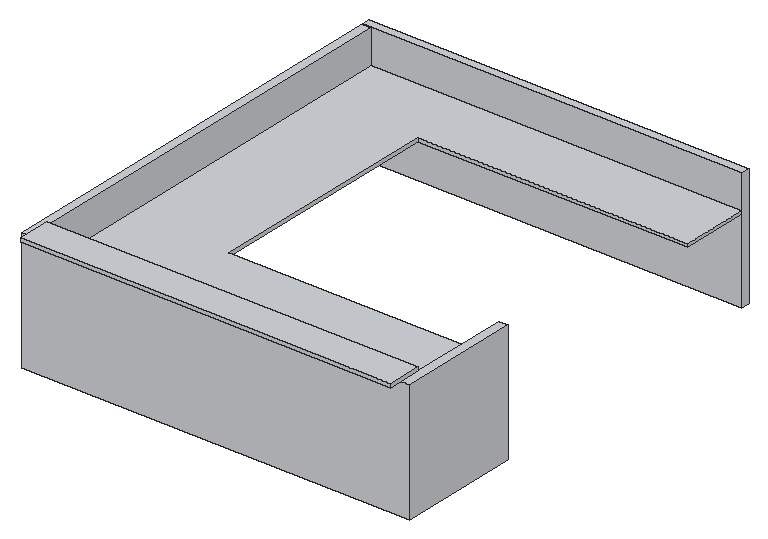
Revit family "FURN_Desk_C Shape", category Furniture, Revit 2024
Family settings
  OmniClass Number = 23.40.20.00
  OmniClass Title = General Furniture and Specialties
  Work Plane-Based = No
  Enable Cutting in Views = No
  Always vertical = Yes
  Cut with Voids When Loaded = No
  Render Appearance Source = Family Geometry
  Shared = No
  Room Calculation Point = No
Parameters (values of type "C Desk_2200 x 2475, Counter")
  Width_Side Desk = 600 mm
  Width_Raised Desk = 200 mm
  Width_Front Desk = 675 mm
  Width_Back Desk = 400 mm
  Unit_Width = 2475 mm
  Unit_Length = 2200 mm
  EA_Repath [instance] = 0 mm
  Default Elevation = 0 mm
  Counter = yes
  Divider_Width = 50 mm
  Back Panel = no
Types (2, lengths in mm): name | Back Panel
  C Desk_2200 x 2475, Back Panel, Counter | yes
  C Desk_2200 x 2475, Counter | no
Reference planes
  plane 1 "Center (Front/Back)": y = 0
  plane 2: z = 0
  plane 3 "Center (Left/Right)": x = 0
  plane 4: y = 2475
  plane 5: x = 2200
  plane 6: y = 2075
  plane 7: y = 675
  plane 8: x = 600
  plane 9: x = -50
  plane 10: y = 2525
  plane 11: y = 75
  plane 12: y = -50
  plane 13: x = 2250
  plane 14: y = -125
  plane 15: y = -25
  plane 16 "Desk_Surface": z = 518.571
  plane 17 "Divider_top": z = 718.571
Forms (mm)
  Extrusion 1, solid
    sketch origin (-243.521, -1524, 518.571) x (-1, 0, 0) y (0, -1, 0)
      loop
        line (-243.521, -3999) -> (-243.521, -1524) -> (-2443.521, -1524) -> (-2443.521, -2199) -> (-843.521, -2199) -> (-843.521, -3599) -> (-2443.521, -3599) -> (-2443.521, -3999) -> (-243.521, -3999)
    from 0 to -20
  Extrusion 2, solid, visible <- "Counter"
    sketch origin (0, 0, 0) x (1, 0, 0) y (0, 1, 0)
      loop
        line (-50, 2525) -> (-50, 2475) -> (2200, 2475) -> (2200, 2525) -> (-50, 2525)
    from 0 to 718.571
  Extrusion 3, solid
    sketch origin (0, 0, 0) x (1, 0, 0) y (0, 1, 0)
      loop
        line (-50, 2475) -> (-50, -50) -> (2250, -50) -> (2250, 675) -> (2200, 675) -> (2200, 0) -> (0, 0) -> (0, 2475) -> (-50, 2475)
    from 0 to 718.571
  Extrusion 4, solid
    sketch origin (-243.521, -1524, 718.571) x (-1, 0, 0) y (0, -1, 0)
      loop
        line (-243.521, -1599) -> (-243.521, -1399) -> (-2443.521, -1399) -> (-2443.521, -1599) -> (-243.521, -1599)
    from 0 to 20
Dimensions and locks
  "Width_Back Desk": plane 4 to plane 6
  "Width_Side Desk": plane 3 "Center (Left/Right)" to plane 8
  "Divider_Width": plane 10 to plane 4
  "Divider_Width": plane 9 to plane 3 "Center (Left/Right)"
  "Divider_Width": plane 5 to plane 13
  "Width_Front Desk": plane 1 "Center (Front/Back)" to plane 7
  "Divider_Width": plane 12 to plane 1 "Center (Front/Back)"
  equal spacing: plane 12, plane 15, plane 1 "Center (Front/Back)"
  equal spacing: plane 11, plane 15, plane 14
  "Width_Raised Desk": plane 11 to plane 14
  "Unit_Width": plane 4 to plane 1 "Center (Front/Back)"
  "Unit_Length": plane 3 "Center (Left/Right)" to plane 5
  aligned and locked: level to plane 2
  aligned and locked: Extrusion 1 sketch curve to plane 4
  aligned and locked: Extrusion 1 sketch curve to plane 6
  aligned and locked: Extrusion 1 sketch curve to plane 8
  aligned and locked: Extrusion 1 sketch curve to plane 3 "Center (Left/Right)"
  aligned and locked: Extrusion 1 sketch curve to plane 7
  aligned and locked: Extrusion 1 sketch curve to plane 1 "Center (Front/Back)"
  aligned and locked: Extrusion 1 sketch curve to plane 5  (x2)
  aligned and locked: plane 9 to Extrusion 2 sketch curve
  aligned and locked: Extrusion 2 sketch curve to Extrusion 1  (x2)
  aligned and locked: Extrusion 2 sketch curve to plane 10
  aligned and locked: Extrusion 2 to plane 17 "Divider_top"
  aligned and locked: Extrusion 3 sketch curve to plane 4
  aligned and locked: Extrusion 3 sketch curve to plane 12
  aligned and locked: Extrusion 3 sketch curve to plane 3 "Center (Left/Right)"
  aligned and locked: plane 9 to Extrusion 3 sketch curve
  aligned and locked: plane 13 to Extrusion 3 sketch curve
  aligned and locked: Extrusion 3 sketch curve to plane 5
  aligned and locked: Extrusion 3 sketch curve to plane 7
  aligned and locked: Extrusion 3 to plane 17 "Divider_top"
  aligned and locked: Extrusion 3 sketch curve to plane 1 "Center (Front/Back)"
  aligned and locked: Extrusion 4 sketch curve to plane 11
  aligned and locked: plane 3 "Center (Left/Right)" to Extrusion 4 sketch curve
  aligned and locked: Extrusion 4 sketch curve to plane 14
  aligned and locked: Extrusion 4 sketch curve to plane 5
